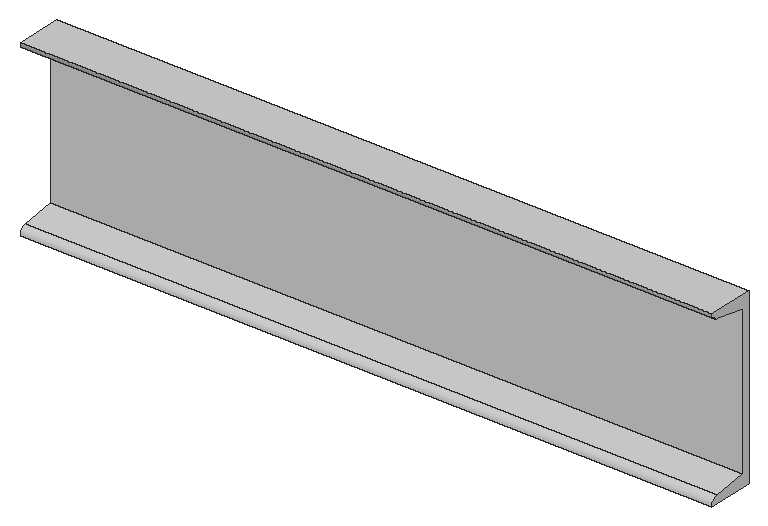
Revit family "3282f7a15d6343aa8903de757862854d", category Structural Framing, Revit 2021
Family settings
  Structural Framing Length Roundoff = 0' - 0"
  Section Shape = Not Defined
  Material for Model Behavior = Steel
  Always export as geometry = No
  OmniClass Number = 23.25.30.11.14.14
  OmniClass Title = Beams
  Seek Item ID = C-Channel-0000-USA-ENU
  Always vertical = Yes
  Cut with Voids When Loaded = No
  Symbolic Representation = From Project Settings
  Shared = No
  Show family pre-cut in plan views = Yes
Parameters (values of type "C12X30")
  W = 30
  Structural Material [instance] = Steel ASTM A36
  Assembly Code = "B10"
  Length [instance] = 5' - 0"
  bf = 0' - 3 11/64"
  d = 1' - 0"
  tf = 0' - 0 1/2"
  tw = 0' - 0 131/256"
  x = 0' - 0 173/256"
  A = 8.80 in²
Types (2): name | W | bf | d | tf | tw | x | A
  C12X30 | 30 | 0' - 3 11/64" | 1' - 0" | 0' - 0 1/2" | 0' - 0 131/256" | 0' - 0 173/256" | 8.80 in²
  C15X33.9 | 33.9 | 0' - 3 51/128" | 1' - 3" | 0' - 0 83/128" | 0' - 0 51/128" | 0' - 0 101/128" | 10.00 in²
Reference planes (in)
  plane 1 "Center (Front/Back)": y = 0
  plane 2: z = 0
  plane 3 "Center (Left/Right)": x = 0.1815
  plane 4 "Member Left": x = -23.8185
  plane 5 "Member Right": x = 24.1815
  plane 6 "Center Left/Right": y = 0.67578
  plane 7: y = -2.49609
  plane 8 "Top": z = 6
  plane 9: z = -6
  plane 10 "Left": x = -29.8185
  plane 11 "Right": x = 30.1815
Forms (in)
  Sweep 1, solid, material "Steel ASTM A36" <- "Structural Material", detail levels fine
    path origin (0, 0, 0) x (1, 0, 0) y (0, 1, 0)
      loop
        line (24.1815, 0) -> (-23.8185, 0)
    profile "C-Channel-Profile-Fine : C-Channel-Profile-Fine" origin (0.1815, 0, 0) x (0, -1, 0) y (0, 0, 1)
      loop
        line (-0.67578, -6) -> (2.49609, -6)
        arc (2.49609, -6) -> (2.34965, -5.64645) -> (1.99609, -5.5) r 0.5
        line (1.99609, -5.5) -> (-0.16406, -5.15786) -> (-0.16406, 5.15786) -> (1.99609, 5.5)
        arc (1.99609, 5.5) -> (2.34965, 5.64645) -> (2.49609, 6) r 0.5
        line (2.49609, 6) -> (-0.67578, 6) -> (-0.67578, -6)
  Sweep 2, solid, material "Steel ASTM A36" <- "Structural Material", detail levels medium
    path origin (0, 0, 0) x (1, 0, 0) y (0, 1, 0)
      loop
        line (24.1815, 0) -> (-23.8185, 0)
    profile "C-Channel-Profile-Medium : C-Channel-Profile-Medium" origin (0.1815, 0, 0) x (0, -1, 0) y (0, 0, 1)
      loop
        line (-0.67578, -6) -> (2.49609, -6) -> (2.49609, -5.5) -> (-0.16406, -5.07867) -> (-0.16406, 5.07867) -> (2.49609, 5.5) -> (2.49609, 6) -> (-0.67578, 6) -> (-0.67578, -6)
Lines and regions (in)
  symbolic lines, style "Hidden Faces", detail levels medium+fine
    curve 1: line (-23.8185, 0.1875, 5.5) -> (24.1815, 0.1875, 5.5)
    curve 2: line (-23.8185, 0.1875, -5.5) -> (24.1815, 0.1875, -5.5)
    curve 6: line (-23.8185, 0.16406, 0) -> (24.1815, 0.16406, 0)
  symbolic lines, style "Stick Symbols", detail levels coarse
    curve 3: line (0.1815, 0.67578, -6) -> (0.1815, 0.67578, 6)
    curve 4: line (0.1815, 0.67578, 6) -> (0.1815, -2.49609, 6)
    curve 5: line (0.1815, 0.67578, -6) -> (0.1815, -2.49609, -6)
Dimensions and locks (in)
  "bf": plane 6 "Center Left/Right" to plane 7
  "d": plane 9 to plane 8 "Top"
  "x": plane 6 "Center Left/Right" to plane 1 "Center (Front/Back)"
  equal spacing: plane 9, plane 2, plane 8 "Top"
  "Length": plane 10 "Left" to plane 11 "Right"
  "tw": plane 6 "Center Left/Right" to curve 6
  "tf": plane 8 "Top" to curve 1
  "tf": curve 2 to plane 9
  aligned and locked: Sweep 1 sketch curve to plane 1 "Center (Front/Back)"
  aligned and locked: Sweep 2 sketch curve to plane 1 "Center (Front/Back)"
  aligned and locked: curve 4 to Sweep 2
  aligned and locked: Sweep 2 to curve 5
  aligned and locked: Sweep 2 to curve 4
  aligned and locked: curve 5 to Sweep 2
  aligned and locked: plane 4 "Member Left" to Sweep 1 sketch curve
  aligned and locked: plane 5 "Member Right" to Sweep 1 sketch curve
  aligned and locked: plane 4 "Member Left" to Sweep 2 sketch curve
  aligned and locked: plane 5 "Member Right" to Sweep 2 sketch curve
  aligned and locked: plane 4 "Member Left" to curve 6
  aligned and locked: plane 5 "Member Right" to curve 6
  aligned and locked: plane 4 "Member Left" to curve 1
  aligned and locked: plane 4 "Member Left" to curve 2
  aligned and locked: plane 5 "Member Right" to curve 1
  aligned and locked: plane 5 "Member Right" to curve 2
Automatic sketch dimensions
  curve 3 to plane 6 "Center Left/Right" = 0' - 0"
